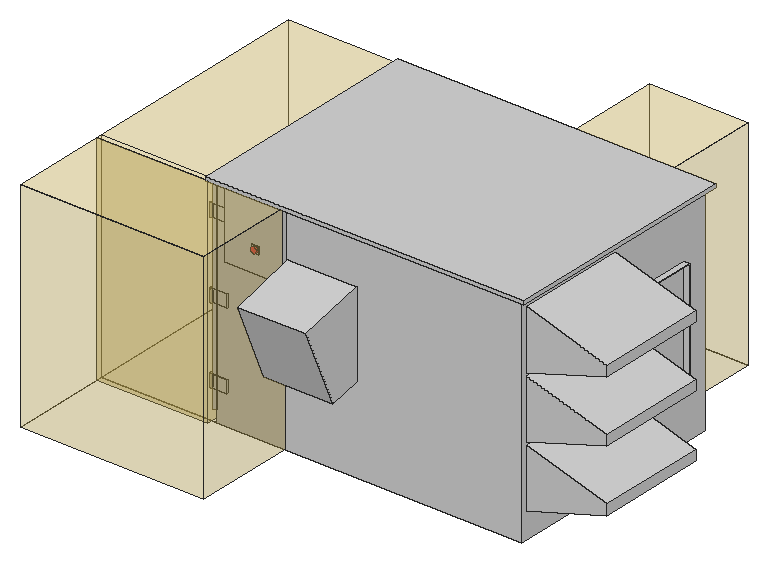
Revit family "Ventilator-RenewAire-Energy-Recovery-HE8XRTF", category Mechanical Equipment, Revit 2015
Parameters (values of type "10.0 HP 208-230V Three Phase")
  Voltage = "208-230"
  Ventilation Type = "Static Plate, Heat and Humidity Transfer"
  Unit Width = "140-1/2\""
  Unit Weight = "2,232 - 2,914 lbs."
  Unit Length = "106-1/2\""
  Unit Height = "81-3/4\""
  Unit = Metal - RenewAire - Anodized - Gray Text
  URL = "www.renewaire.com"
  Typical Airflow Range = "2,000-7,950 CFM"
  Standard Features = "TEFC Premium efficiency motors, Motor starters, Non-fused disconnect, 24 VAC transformer/relay package"
  Shipping Weight = "3,254 lbs."
  Service Area Visibility = yes
  Service Area Box = Interference - RenewAire - Smooth - Light - Gold
  Revit Object Download Link = ""
  Phase = "Three"
  Options = "Integrated programmable controls, Fused disconnect, Double wall construction, Factory supplied and mounted variable frequency drives (VFDs) - one or both airstreams, Class 1 low-leakage motorized isolation dampers - OA, EA or both airstreams, Qty. 2 Factory mounted filter alarms, Exterior Paint - white, custom colors"
  Number Motors = "Qty. 2, Belt drive blower/ standard motor packages with adjustable sheaves"
  Model = "HE8XRTF"
  Minimum Circuit Amps = "60.8"
  Maximum Overcurrent Protection = "80"
  Max. Shipping Width = "90\""
  Max. Shipping Length = "116\""
  Max. Shipping Height = "90\""
  Manufacturer = "RenewAire LLC"
  Frequency = "60 HZ"
  FLA per Motor = "27.0-25.0"
  Description = "Energy Recovery Ventilator"
  Connector Base Material = Glass - With - Transparency
  Accessories = "Filters - MERV 13, 2\" (shipped loose), Roof curb - standard 14\", Curb wind clip, Engineered combo curb for Carrier RTU, Engineered combo curb for Trane RTU, Digital time clock - wall mount(TC7D-W), in exterior enclosure (TC7D-E), Motion occupancy control - ceiling mount(MC-C), wall mount(MC-W), Carbon Dioxide control - wall mount (CO2-W), duct mount(CO2-D), Electric duct heater – EK series (1-60 kW), EH series (61-175 kW); designed for indoor ductwork installation only, Indirect gas-fired duct furnace - GH series (50-400 MBH), installed downstream of any fans"
  AHRI 1060 Certified Core = "Eight L125-G5"
Types (10): name | Voltage | Minimum Circuit Amps | Maximum Overcurrent Protection | FLA per Motor
  (no name) | "208-230" | "60.8" | "80" | "27.0-25.0"
  5.0 HP 208-230V Three Phase | "208-230" | "32.6 A" | "45 A" | "14.5-13.4"
  5.0 HP 460V Three Phase | "460" | "15.1 A" | "20 A" | "6.7"
  5.0 HP 575V Three Phase | "575" | "11.9 A" | "15 A" | "5.3"
  7.5 HP 208-230V Three Phase | "208-230" | "47.3 A" | "60 A" | "21.0-19.0"
  7.5 HP 460V Three Phase | "460" | "21.4 A" | "25 A" | "9.5"
  7.5 HP 575V Three Phase | "575" | "17.1 A" | "20 A" | "7.6"
  10.0 HP 208-230V Three Phase | "208-230" | "60.8" | "80" | "27.0-25.0"
  10.0 HP 460V Three Phase | "460" | "28.1" | "35" | "12.5"
  10.0 HP 575V Three Phase | "575" | "22.0" | "30" | "9.76"
Reference planes (in)
  plane 1 "Center (Front/Back)": y = 0
  plane 2: z = 0
  plane 3 "Center (Left/Right)": x = 0
  plane 4: y = 41.875
  plane 5: y = -41.875
  plane 6: x = 56.3125
  plane 7: x = -57.1875
  plane 8: z = 82
  plane 9: x = -4.5625
  plane 10: x = -28.8125
Forms (in)
  Extrusion 1, solid, material "Metal - RenewAire - Anodized - Gray Text" <- "Unit"
    sketch origin (0, 0, 0) x (1, 0, 0) y (0, 1, 0)
      loop
        line (-54, 40.5) -> (-54, -40.5) -> (54, -40.5) -> (54, 40.5) -> (-54, 40.5)
    from 0 to 77
  Extrusion 2, solid, material "Metal - RenewAire - Anodized - Gray Text"
    sketch origin (0, 0, 0) x (1, 0, 0) y (0, 1, 0)
      loop
        line (-56.3125, 42.5) -> (-56.3125, -42.5) -> (56.3125, -42.5) -> (56.3125, 42.5) -> (-56.3125, 42.5)
    from 77 to 78.25
  Extrusion 3, solid, material "Metal - RenewAire - Anodized - Gray Text"
    sketch origin (0, 0, 0) x (1, 0, 0) y (0, 1, 0)
      loop
        line (-54, -40.5) -> (-54, -1.25) -> (-55.5625, -1.25) -> (-55.5625, -40.5) -> (-54, -40.5)
    from 4 to 76
  Extrusion 4, solid, material "Metal - RenewAire - Anodized - Gray Text"
    sketch origin (0, 41.75, 0) x (1, 0, 0) y (0, 1, 0)
      loop
        line (-54, -40.5) -> (-54, -1.25) -> (-55.5625, -1.25) -> (-55.5625, -40.5) -> (-54, -40.5)
    from 4 to 76
  Extrusion 5, solid, material "Metal - RenewAire - Anodized - Gray Text"
    sketch origin (0, 0, 0) x (1, 0, 0) y (0, 0, 1)
      loop
        line (-55.5625, 15.181) -> (-55.5625, 10.75) -> (-50.25, 10.75) -> (-50.25, 15.181) -> (-55.5625, 15.181)
      loop
        line (-55.5625, 42.222) -> (-55.5625, 37.778) -> (-50.25, 37.778) -> (-50.25, 42.222) -> (-55.5625, 42.222)
      loop
        line (-55.5625, 69.25) -> (-55.5625, 64.819) -> (-50.25, 64.819) -> (-50.25, 69.25) -> (-55.5625, 69.25)
    from 40.5 to 40.625
  Extrusion 6, solid, material "Metal - RenewAire - Anodized - Gray Text"
    sketch origin (0, 0, 0) x (1, 0, 0) y (0, 0, 1)
      loop
        line (-55.5625, 15.181) -> (-55.5625, 10.75) -> (-50.25, 10.75) -> (-50.25, 15.181) -> (-55.5625, 15.181)
      loop
        line (-55.5625, 42.222) -> (-55.5625, 37.778) -> (-50.25, 37.778) -> (-50.25, 42.222) -> (-55.5625, 42.222)
      loop
        line (-55.5625, 69.25) -> (-55.5625, 64.819) -> (-50.25, 64.819) -> (-50.25, 69.25) -> (-55.5625, 69.25)
    from -40.625 to -40.5
  Extrusion 7, solid, material "Metal - RenewAire - Anodized - Gray Text"
    sketch origin (0, 0, 0) x (1, 0, 0) y (0, 1, 0)
      loop
        circle (-55.9375, -40.5) r 0.375
    from 10.75 to 15.181
  Extrusion 8, solid, material "Metal - RenewAire - Anodized - Gray Text"
    sketch origin (0, 0, 0) x (1, 0, 0) y (0, 1, 0)
      loop
        circle (-55.9375, -40.5) r 0.375
    from 37.778 to 42.222
  Extrusion 9, solid, material "Metal - RenewAire - Anodized - Gray Text"
    sketch origin (0, 0, 0) x (1, 0, 0) y (0, 1, 0)
      loop
        circle (-55.9375, -40.5) r 0.375
    from 64.819 to 69.25
  Extrusion 10, solid, material "Metal - RenewAire - Anodized - Gray Text"
    sketch origin (0, 81, 0) x (1, 0, 0) y (0, 1, 0)
      loop
        circle (-55.9375, -40.5) r 0.375
    from 10.75 to 15.181
  Extrusion 11, solid, material "Metal - RenewAire - Anodized - Gray Text"
    sketch origin (0, 81, 0) x (1, 0, 0) y (0, 1, 0)
      loop
        circle (-55.9375, -40.5) r 0.375
    from 37.778 to 42.222
  Extrusion 12, solid, material "Metal - RenewAire - Anodized - Gray Text"
    sketch origin (0, 81, 0) x (1, 0, 0) y (0, 1, 0)
      loop
        circle (-55.9375, -40.5) r 0.375
    from 64.819 to 69.25
  Extrusion 13, solid, material "Metal - RenewAire - Anodized - Gray Text"
    sketch origin (0, 0, 0) x (1, 0, 0) y (0, 0, 1)
      loop
        line (-50.25, 77) -> (-50.25, 53) -> (-29.75, 53) -> (-29.75, 77) -> (-50.25, 77)
    from 40.5 to 41.75
  Extrusion 14, solid, material "Metal - RenewAire - Anodized - Gray Text"
    sketch origin (0, 0, 0) x (1, 0, 0) y (0, 0, 1)
      loop
        line (-40.6, 62.1) -> (-40.6, 59.6) -> (-38.1, 59.6) -> (-38.1, 62.1) -> (-40.6, 62.1)
    from 41.75 to 41.875
  Extrusion 15, solid, material "Plastic Red"
    sketch origin (0, 0, 0) x (1, 0, 0) y (0, 0, 1)
      loop
        circle (-39.35, 60.85) r 1
    from 41.75 to 42.5
  Extrusion 16, solid, material "Metal - RenewAire - Anodized - Gray Text"
    sketch origin (0, 0, 0) x (0, 1, 0) y (0, 0, 1)
      loop
        circle (-3.25, 67.0345) r 0.25
    from -56.3125 to -55.5625
  Extrusion 17, solid, material "Metal - RenewAire - Anodized - Gray Text"
    sketch origin (0, 0, 0) x (1, 0, 0) y (0, 0, 1)
      loop
        line (-56.3125, 67.2845) -> (-57.1875, 67.2845) -> (-57.1875, 66.7845) -> (-56.3125, 66.7845) -> (-56.3125, 67.2845)
    from 2.95437 to 6.64353
  Extrusion 18, solid, material "Metal - RenewAire - Anodized - Gray Text"
    sketch origin (0, 0, -54.0845) x (0, 1, 0) y (0, 0, 1)
      loop
        circle (-3.25, 67.0345) r 0.25
    from -56.3125 to -55.5625
  Extrusion 19, solid, material "Metal - RenewAire - Anodized - Gray Text"
    sketch origin (0, 0, -54.0845) x (1, 0, 0) y (0, 0, 1)
      loop
        line (-56.3125, 67.2845) -> (-57.1875, 67.2845) -> (-57.1875, 66.7845) -> (-56.3125, 66.7845) -> (-56.3125, 67.2845)
    from 2.95437 to 6.64353
  Extrusion 20, solid, material "Metal - RenewAire - Anodized - Gray Text"
    sketch origin (0, -0.02735, 79.9845) x (0, -1, 0) y (0, 0, -1)
      loop
        circle (-3.25, 67.0345) r 0.25
    from -56.3125 to -55.5625
  Extrusion 21, solid, material "Metal - RenewAire - Anodized - Gray Text"
    sketch origin (0, -0.02735, 79.9845) x (1, 0, 0) y (0, 0, -1)
      loop
        line (-56.3125, 67.2845) -> (-57.1875, 67.2845) -> (-57.1875, 66.7845) -> (-56.3125, 66.7845) -> (-56.3125, 67.2845)
    from 2.95437 to 7.02735
  Extrusion 22, solid, material "Metal - RenewAire - Anodized - Gray Text"
    sketch origin (0, -0.02735, 134.069) x (0, -1, 0) y (0, 0, -1)
      loop
        circle (-3.25, 67.0345) r 0.25
    from -56.3125 to -55.5625
  Extrusion 23, solid, material "Metal - RenewAire - Anodized - Gray Text"
    sketch origin (0, -0.02735, 134.069) x (1, 0, 0) y (0, 0, -1)
      loop
        line (-56.3125, 67.2845) -> (-57.1875, 67.2845) -> (-57.1875, 66.7845) -> (-56.3125, 66.7845) -> (-56.3125, 67.2845)
    from 2.95437 to 7.02735
  Extrusion 24, solid, material "Metal - RenewAire - Anodized - Gray Text"
    sketch origin (0, 40.875, 0) x (0, 1, 0) y (0, 0, 1)
      loop
        line (-34, 58) -> (-34, 22) -> (-10, 22) -> (-10, 58) -> (-34, 58)
      loop
        line (-33.875, 57.875) -> (-33.875, 22.125) -> (-10.125, 22.125) -> (-10.125, 57.875) -> (-33.875, 57.875)
    from 54 to 56.3125
  Extrusion 25, solid, material "Metal - RenewAire - Anodized - Gray Text"
    sketch origin (0, 0, 0) x (1, 0, 0) y (0, 1, 0)
      loop
        line (40.5, 40.5) -> (40.5, 41.875) -> (5.75, 41.875) -> (5.75, 40.5) -> (40.5, 40.5)
    from 4 to 76
  Extrusion 26, solid, material "Metal - RenewAire - Anodized - Gray Text"
    sketch origin (46.25, -13.6875, 0) x (0, -1, 0) y (0, 0, 1)
      loop
        line (-55.5625, 15.181) -> (-55.5625, 10.75) -> (-54.1875, 10.75) -> (-54.1875, 15.181) -> (-55.5625, 15.181)
      loop
        line (-55.5625, 42.222) -> (-55.5625, 37.778) -> (-54.1875, 37.778) -> (-54.1875, 42.222) -> (-55.5625, 42.222)
      loop
        line (-55.5625, 69.25) -> (-55.5625, 64.819) -> (-54.1875, 64.819) -> (-54.1875, 69.25) -> (-55.5625, 69.25)
    from 40.5 to 40.625
  Extrusion 27, solid, material "Metal - RenewAire - Anodized - Gray Text"
    sketch origin (46.25, -13.6875, 0) x (0, -1, 0) y (1, 0, 0)
      loop
        circle (-55.9375, -40.5) r 0.375
    from 10.75 to 15.181
  Extrusion 28, solid, material "Metal - RenewAire - Anodized - Gray Text"
    sketch origin (46.25, -13.6875, 0) x (0, -1, 0) y (1, 0, 0)
      loop
        circle (-55.9375, -40.5) r 0.375
    from 37.778 to 42.222
  Extrusion 29, solid, material "Metal - RenewAire - Anodized - Gray Text"
    sketch origin (46.25, -13.6875, 0) x (0, -1, 0) y (1, 0, 0)
      loop
        circle (-55.9375, -40.5) r 0.375
    from 64.819 to 69.25
  Extrusion 30, solid, material "Metal - RenewAire - Anodized - Gray Text"
    sketch origin (0, 0, 0.09434) x (1, 0, 0) y (0, 0, 1)
      loop
        circle (38.5, 67.0345) r 0.5
      loop
        circle (38.5, 12.9655) r 0.5
    from -42.63934 to -41.875
  Extrusion 31, solid, material "Metal - RenewAire - Anodized - Gray Text"
    sketch origin (0, 0, 0) x (1, 0, 0) y (0, 1, 0)
      loop
        line (39, 42.63934) -> (39, 43.13934) -> (35, 43.13934) -> (35, 42.63934) -> (39, 42.63934)
    from 12.54402 to 13.57826
  Extrusion 32, solid, material "Metal - RenewAire - Anodized - Gray Text"
    sketch origin (0, 0, 0) x (1, 0, 0) y (0, 1, 0)
      loop
        line (39, 42.63934) -> (39, 43.13934) -> (35, 43.13934) -> (35, 42.63934) -> (39, 42.63934)
    from 66.62861 to 67.65618
  Extrusion 33, solid, material "Metal - RenewAire - Anodized - Gray Text"
    sketch origin (0, 0, 0) x (1, 0, 0) y (0, 1, 0)
      loop
        line (39, 42.42236) -> (36.93236, 42.42236) -> (35.90842, 43.13934) -> (35.90842, 42.63934) -> (37, 41.875) -> (39, 41.875) -> (39, 42.42236)
    from 39.5 to 40.5
  Extrusion 34, solid, material "Metal - RenewAire - Anodized - Gray Text"
    sketch origin (0, 0, 0) x (1, 0, 0) y (0, 1, 0)
      loop
        circle (35.90842, 42.88934) r 0.25
    from 37.778 to 42.222
  Extrusion 35, solid, material "Interference - RenewAire - Smooth - Light - Gold" <- "Service Area Box", visible <- "Service Area Visibility"
    sketch origin (0, 0, 0) x (1, 0, 0) y (0, 1, 0)
      loop
        line (5.625, 41.875) -> (40.5, 41.875) -> (40.5, 76.625) -> (5.625, 76.625) -> (5.625, 41.875)
    from 0 to 77
  Extrusion 36, solid, material "Interference - RenewAire - Smooth - Light - Gold", visible <- "Service Area Visibility"
    sketch origin (0, 0, 0) x (1, 0, 0) y (0, 1, 0)
      loop
        line (-55.5625, 42.5) -> (-94.8125, 42.5) -> (-94.8125, -42.5) -> (-55.5625, -42.5) -> (-55.5625, 42.5)
    from 0 to 77
  Extrusion 37, solid, material "Interference - RenewAire - Smooth - Light - Gold", visible <- "Service Area Visibility"
    sketch origin (0, 0, 0) x (1, 0, 0) y (0, 1, 0)
      loop
        line (-29.75, -40.5) -> (-94.8125, -40.5) -> (-94.8125, -76.5) -> (-29.75, -76.5) -> (-29.75, -40.5)
    from 0 to 77
  Extrusion 38, solid, material "Metal - RenewAire - Anodized - Gray Text"
    sketch origin (0, 0, 0) x (1, 0, 0) y (0, 0, 1)
      loop
        line (54, 9.25) -> (82.75, 18) -> (82.75, 21.5) -> (54, 30.25) -> (54, 9.25)
    from -0.75 to 38.875
  Extrusion 39, solid, material "Metal - RenewAire - Anodized - Gray Text"
    sketch origin (0, 0, 22) x (1, 0, 0) y (0, 0, 1)
      loop
        line (54, 9.25) -> (82.75, 18) -> (82.75, 21.5) -> (54, 30.25) -> (54, 9.25)
    from -0.75 to 38.875
  Extrusion 40, solid, material "Metal - RenewAire - Anodized - Gray Text"
    sketch origin (0, 0, 44) x (1, 0, 0) y (0, 0, 1)
      loop
        line (54, 9.25) -> (82.75, 18) -> (82.75, 21.5) -> (54, 30.25) -> (54, 9.25)
    from -0.75 to 38.875
  Extrusion 41, solid, material "Metal - RenewAire - Anodized - Gray Text"
    sketch origin (0, 0, 0) x (0, 1, 0) y (0, 0, 1)
      loop
        line (-40.5, 30.5) -> (-40.5, 60.625) -> (-62.87454, 55.29773) -> (-51, 28) -> (-40.5, 30.5)
    from -28.8125 to -4.5625
  Extrusion 42, void
    sketch origin (0, 0, 0) x (1, 0, 0) y (0, 1, 0)
      loop
        line (-53.5, 40) -> (-53.5, -40) -> (53.5, -40) -> (53.5, 40) -> (-53.5, 40)
    from -3.19513 to 4.625
  Extrusion 43, void
    sketch origin (0, 0, 0) x (1, 0, 0) y (0, 1, 0)
      loop
        line (-23.1875, 22.375) -> (-23.1875, 0.375) -> (-7.1875, 0.375) -> (-7.1875, 22.375) -> (-23.1875, 22.375)
    from -3.19513 to 4.75
Cuts and joins
  Extrusion 42, Extrusion 43 cuts Extrusion 1
Dimensions and locks (in)
  aligned and locked: level to plane 2
Nested families (in)
  nested 1: "Monitoring Port" at (28.5, 42.75, 60.778), type "Monitoring Port"
  nested 2: "Monitoring Port" at (17.75, 42.75, 60.778), type "Monitoring Port"
  nested 3: "Monitoring Port" at (28.5, 42.75, 48.778), type "Monitoring Port"
  nested 4: "Monitoring Port" at (17.75, 42.75, 48.778), type "Monitoring Port"
Connectors (in)
  hvac at (54, 18.875, 40)
    settings: on Extrusion 24, index 2, duct flow 0 CFM, flow factor 0, pres drop 0.00 in-wg, loss coef 0, conn angle 0.00°, conn width 24", conn height 36", conn diameter 24", duct sys type 2, conn prof type 1, flow config 0, flow direction 1, loss method 0, conn ref index -1, conn util no, is conn primary yes, conn desc "RA (Return Air)"
  hvac at (-15.1875, 11.375, 4.625)
    settings: on cut or joined group of Extrusion 1, Extrusion 42, Extrusion 43, index 6, duct flow 0 CFM, flow factor 0, pres drop 0.00 in-wg, loss coef 0, conn angle 0.00°, conn width 22", conn height 16", conn diameter 24", duct sys type 1, conn prof type 1, flow config 0, flow direction 2, loss method 0, conn ref index -1, conn util no, is conn primary no, conn desc "FA (Fresh Air)"
Definition of nested family "Monitoring Port"
  Parameters (values of type "Monitoring Port")
    URL = "www.renewaire.com"
    Revit Object Download Link = ""
    Model = ""
    Manufacturer = "RenewAire LLC"
    Description = "Monitoring Ports"
  Reference planes (in)
    plane 1 "Center (Front/Back)": y = 0
    plane 2: z = 0
    plane 3 "Center (Left/Right)": x = 0
  Forms (in)
    Extrusion 1, solid
      sketch origin (-9.43348, 0, 37.76669) x (-1, 0, 0) y (0, 0, -1)
        loop
          line (-9.53348, 35.65895) -> (-9.94097, 35.42369) -> (-9.94097, 34.83769) -> (-9.43348, 34.54469) -> (-8.92599, 34.83769) -> (-8.92599, 35.42369) -> (-9.33348, 35.65895) -> (-9.33348, 37.28756)
          arc (-9.33348, 37.28756) -> (-9.43348, 37.76669) -> (-9.53348, 37.28756) r 0.25
          line (-9.53348, 37.28756) -> (-9.53348, 35.65895)
      from 0 to 0.25
  Dimensions and locks (in)
    aligned and locked: level to plane 2
